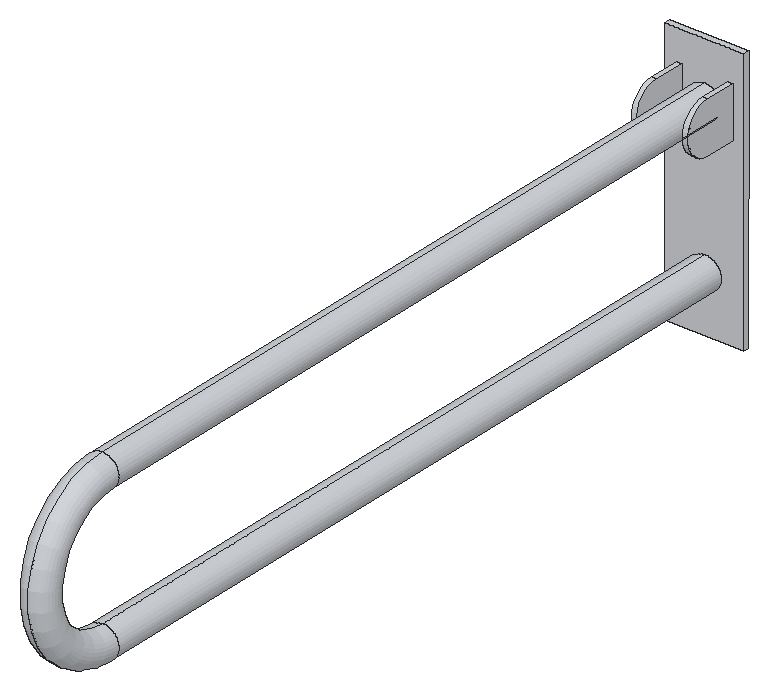
Revit family "SIMP_Simplicity Grab Rail", category Generic Models, Revit 2013
Parameters (values of type "SIMP")
  URL = "http://www.surecare.com.au/"
  Type Comments = "Simplicity Grab Rail"
  TopRailCentre = TopOfRail - 16 mm  # 784 mm
  TopOfRail = 800 mm
  TPH2 = no
  TPH = no
  NCB = no
  Model = "SIMP"
  Manufacturer = "SURE CARE"
Types (3, lengths in mm): name | Type Comments | TPH | NCB | Model
  SIMP | "Simplicity Grab Rail" | no | no | "SIMP"
  SIMPTPH | "Simplicity  Grab Rail With Toilet Paper Holder" | yes | no | "SIMPTPH"
  SIMPNCB | "Simplicity  Grab Rail With Nurse Call" | no | yes | "SIMPNCB"
Reference planes
  plane 1 "Center (Front/Back)": y = 0
  plane 2: z = 0
  plane 3 "Center (Left/Right)": x = 0
  plane 4 "PlateCentre": z = 709
  plane 5 "RailTopTop": z = 800
  plane 6 "RailTopCentre": z = 784
  plane 7 "RailFront": y = -830
  plane 8 "Accessory1": y = -730
  plane 9 "Accessory2": y = -555
  plane 10: z = 1614
  plane 11 "FixingCentre1": x = -25
  plane 12 "FixingCentre2": x = 25
Forms (mm)
  Extrusion 1, solid
    sketch origin (0, 0, 709) x (-1, 0, 0) y (0, -1, 0)
      loop
        line (38.5, 0) -> (38.5, 5) -> (-38.5, 5) -> (-38.5, 0) -> (38.5, 0)
    from -130 to 130
  Extrusion 2, solid
    sketch origin (-25, 0, -16) x (0, 0, 1) y (0, -1, 0)
      loop
        arc (825, 35) -> (800, 60) -> (775, 35) r 25
        line (775, 35) -> (775, 5) -> (825, 5) -> (825, 35)
    from 2.5 to -2.5
  Extrusion 3, solid
    sketch origin (25, -1524, 893.553) x (0, 0, 1) y (0, -1, 0)
      loop
        arc (-84.553, -1489) -> (-109.553, -1464) -> (-134.553, -1489) r 25
        line (-134.553, -1489) -> (-134.553, -1519) -> (-84.553, -1519) -> (-84.553, -1489)
    from 2.5 to -2.5
  Sweep 4, solid
    path origin (0, 0, 0) x (0, 1, 0) y (0, 0, 1)
      loop
        line (-5, 784) -> (-739, 784)
        arc (-739, 784) -> (-814, 709) -> (-739, 634) r 75
        line (-739, 634) -> (-5, 634)
    profile origin (0, -372, 784) x (0, 0, -1) y (1, 0, 0)
      loop
        circle (0, 0) r 16
Lines and regions (mm)
  symbolic lines
    curve 1: circle (-25, -35, 784) r 5 normal (1, 0, 0)
  symbolic lines, style "GenericModelHiddenLines"
    curve 2: arc (0, -19, 1523) -> (0, -110, 1614) -> (0, -201, 1523) r 91
    curve 3: line (0, -19, 784) -> (0, -19, 1523)
    curve 4: line (0, -201, 784) -> (0, -201, 1523)
    curve 5: line (0, -169, 784) -> (0, -169, 1523)
    curve 6: arc (0, -51, 1523) -> (0, -110, 1582) -> (0, -169, 1523) r 59
    curve 7: line (0, -51, 784) -> (0, -51, 1523)
    curve 8: line (-16, 0, 784) -> (-16, 0, 1598)
    curve 9: line (16, 0, 784) -> (16, 0, 1598)
    curve 10: arc (-16, 0, 1598) -> (0, 0, 1614) -> (16, 0, 1598) r 16
Dimensions and locks
  Extrusion 1 sketch curve to plane 1 "Center (Front/Back)" = 5 mm
  locked: plane 5 "RailTopTop" to plane 6 "RailTopCentre" at 16
  "TopOfRail": plane 5 "RailTopTop" to level
  locked: plane 7 "RailFront" to plane 1 "Center (Front/Back)" at 830
  locked: plane 8 "Accessory1" to plane 7 "RailFront" at 100
  plane 9 "Accessory2" to plane 8 "Accessory1" = 175 mm
  locked: plane 10 to plane 6 "RailTopCentre" at 830
  equal spacing: Extrusion 1 sketch curve, plane 3 "Center (Left/Right)", Extrusion 1 sketch curve
  plane 3 "Center (Left/Right)" to Extrusion 1 sketch curve = 38.5 mm
  locked: plane 3 "Center (Left/Right)" to plane 11 "FixingCentre1" at 25
  locked: plane 12 "FixingCentre2" to plane 3 "Center (Left/Right)" at 25
  locked: Extrusion 1 to plane 6 "RailTopCentre" at 55
  Sweep 4 sketch curve to plane 4 "PlateCentre" to Sweep 4 sketch curve = 75 mm locked, 75 mm locked
  locked: Sweep 4 sketch curve to plane 7 "RailFront" at 16
  locked: plane 5 "RailTopTop" to plane 4 "PlateCentre" at 91
  aligned and locked: level to plane 2
  aligned and locked: plane 3 "Center (Left/Right)" to nested 1
  aligned and locked: nested 1 to plane 8 "Accessory1"
  aligned and locked: plane 8 "Accessory1" to nested 2
  aligned and locked: nested 3 to plane 9 "Accessory2"
  aligned and locked: Extrusion 1 to Extrusion 2 sketch curve
  aligned and locked: Extrusion 3 sketch curve to Extrusion 2  (x2)
Automatic sketch dimensions
  curve 10 to plane 3 "Center (Left/Right)" = 0 mm
  plane 11 "FixingCentre1" to curve 8 = 9 mm
  curve 9 to plane 10 = 16 mm
  plane 1 "Center (Front/Back)" to Extrusion 1 sketch curve = 0 mm
  Extrusion 2 sketch curve to Extrusion 2 sketch curve = 30 mm
  plane 1 "Center (Front/Back)" to Extrusion 3 sketch curve = 5 mm
  Extrusion 3 sketch curve to Extrusion 3 sketch curve = 30 mm
  Extrusion 2 sketch curve to plane 5 "RailTopTop" = 16 mm
  Extrusion 2 sketch curve to plane 6 "RailTopCentre" = 25 mm
  curve 1 to plane 5 "RailTopTop" = 16 mm
  plane 1 "Center (Front/Back)" to curve 1 = 35 mm
  Sweep 4 sketch curve to profile plane = 0 mm
  plane 11 "FixingCentre1" to Sweep 4 sketch curve = 25 mm
  plane 1 "Center (Front/Back)" to Sweep 4 sketch curve = 5 mm  (x2)
  curve 2 to curve 6 = 0 mm  (x3)
  curve 4 to plane 6 "RailTopCentre" = 0 mm
  curve 5 to plane 6 "RailTopCentre" = 0 mm
  curve 7 to plane 6 "RailTopCentre" = 0 mm
  curve 3 to plane 6 "RailTopCentre" = 0 mm
  curve 2 to plane 10 = 91 mm
  plane 1 "Center (Front/Back)" to curve 2 = 201 mm
  curve 5 to curve 6 = 59 mm
  curve 2 to curve 5 = 32 mm
  curve 8 to plane 6 "RailTopCentre" = 0 mm
  curve 9 to plane 6 "RailTopCentre" = 0 mm
  radius of curve 1 = 5 mm
  radius of Sweep 4 sketch curve = 16 mm
Nested families
  nested 1: "NCB" at (0, -692.5, 0), TopRailCentre <- "TopRailCentre", visible <- "NCB", type "NCB"
    with TopRailCentre 784 mm
  nested 2: "TPH" at (0, -655, 0), TopRailCentre <- "TopRailCentre", visible <- "TPH", type "TPH"
    with TopRailCentre 784 mm
  nested 3: "TPH" at (0, -555, 0), TopRailCentre <- "TopRailCentre", visible <- "TPH2", type "TPH"
    with TopRailCentre 784 mm
Definition of nested family "NCB"
  Parameters (values of type "NCB")
    TopRailCentre [instance] = 850 mm
  Reference planes
    plane 1 "Center (Front/Back)": y = 0
    plane 2: z = 0
    plane 3 "Center (Left/Right)": x = 0
    plane 4 "TopRailCentre": z = 850
    plane 5: z = 824
  Forms (mm)
    Extrusion 1, solid
      sketch origin (0, 0, 0) x (0, 1, 0) y (0, 0, 1)
        loop
          line (37.5, 824) -> (-37.5, 824) -> (-37.5, 724) -> (37.5, 724) -> (37.5, 824)
      from -10 to 10
    Extrusion 2, void
      sketch origin (-10, 0, 0) x (0, -1, 0) y (0, 0, 1)
        loop
          line (-22.5, 804) -> (-22.5, 744) -> (22.5, 744) -> (22.5, 804) -> (-22.5, 804)
      from 0 to -2
    Extrusion 3, solid
      sketch origin (0, 989.45, 850) x (0, 1, 0) y (-1, 0, 0)
        loop
          circle (-989.45, 0) r 5
      from -26 to 0
  Cuts and joins
    Extrusion 2 cuts Extrusion 1
  Dimensions and locks
    "TopRailCentre": plane 4 "TopRailCentre" to level
    locked: plane 4 "TopRailCentre" to plane 5 at 26
    Extrusion 1 sketch curve to plane 1 "Center (Front/Back)" to Extrusion 1 sketch curve = 37.5 mm, 37.5 mm
    aligned and locked: level to plane 2
    aligned and locked: Extrusion 1 sketch curve to plane 5
    aligned and locked: plane 4 "TopRailCentre" to Extrusion 3
    aligned and locked: Extrusion 3 to plane 5
  Automatic sketch dimensions
    Extrusion 1 sketch curve to plane 5 = 100 mm
    Extrusion 2 sketch curve to Extrusion 1 = 15 mm  (x2)
    Extrusion 2 sketch curve to Extrusion 1 = 20 mm  (x2)
    plane 1 "Center (Front/Back)" to Extrusion 3 sketch curve = 0 mm
    Extrusion 3 sketch curve to plane 3 "Center (Left/Right)" = 0 mm
    radius of Extrusion 3 sketch curve = 5 mm
Definition of nested family "TPH"
  Parameters (values of type "TPH")
    TopRailCentre [instance] = 800 mm
  Reference planes
    plane 1 "Center (Front/Back)": y = 0
    plane 2: z = 0
    plane 3 "Center (Left/Right)": x = 0
    plane 4 "TopRailCentre": z = 800
    plane 5: z = 774
    plane 6 "RollCentre": z = 724
    plane 7: y = -10
  Forms (mm)
    Extrusion 1, solid
      sketch origin (0, -75, 949.787) x (0, 0, 1) y (-1, 0, 0)
        loop
          line (-149.787, 15) -> (-225.787, 15)
          arc (-225.787, 15) -> (-240.787, 0) -> (-225.787, -15) r 15
          line (-225.787, -15) -> (-149.787, -15) -> (-149.787, 15)
      from 0 to 5
    Extrusion 2, solid
      sketch origin (0, 75, 949.787) x (0, 0, 1) y (-1, 0, 0)
        loop
          line (-149.787, 15) -> (-225.787, 15)
          arc (-225.787, 15) -> (-240.787, 0) -> (-225.787, -15) r 15
          line (-225.787, -15) -> (-149.787, -15) -> (-149.787, 15)
      from -5 to 0
    Extrusion 3, solid
      sketch origin (0, 0, 0) x (1, 0, 0) y (0, 0, 1)
        loop
          circle (0, 724) r 12.5
      from -75 to 10
    Extrusion 4, solid
      sketch origin (0, 0, 0) x (1, 0, 0) y (0, 0, 1)
        loop
          circle (0, 724) r 10
      from -75 to 75
  Dimensions and locks
    "TopRailCentre": plane 4 "TopRailCentre" to level
    locked: plane 4 "TopRailCentre" to plane 5 at 26
    locked: plane 3 "Center (Left/Right)" to Extrusion 1 sketch curve at 15
    locked: Extrusion 1 sketch curve to plane 3 "Center (Left/Right)" at 15
    locked: plane 4 "TopRailCentre" to plane 6 "RollCentre" at 76
    Extrusion 2 to plane 1 "Center (Front/Back)" to Extrusion 1 = 75 mm, 75 mm
    aligned and locked: level to plane 2
    aligned and locked: Extrusion 1 sketch curve to plane 4 "TopRailCentre"
    aligned and locked: Extrusion 2 sketch curve to Extrusion 1  (x2)
    aligned and locked: plane 7 to Extrusion 3
    aligned and locked: Extrusion 4 to Extrusion 1
    aligned and locked: Extrusion 4 to Extrusion 2
    aligned and locked: Extrusion 3 to Extrusion 2
  Automatic sketch dimensions
    Extrusion 2 sketch curve to plane 4 "TopRailCentre" = 0 mm
    Extrusion 3 sketch curve to plane 3 "Center (Left/Right)" = 0 mm
    Extrusion 3 sketch curve to plane 6 "RollCentre" = 0 mm
    Extrusion 4 sketch curve to plane 3 "Center (Left/Right)" = 0 mm
    Extrusion 4 sketch curve to plane 6 "RollCentre" = 0 mm
    Extrusion 1 sketch curve to plane 6 "RollCentre" = 0 mm
    radius of Extrusion 3 sketch curve = 12.5 mm
    radius of Extrusion 4 sketch curve = 10 mm
